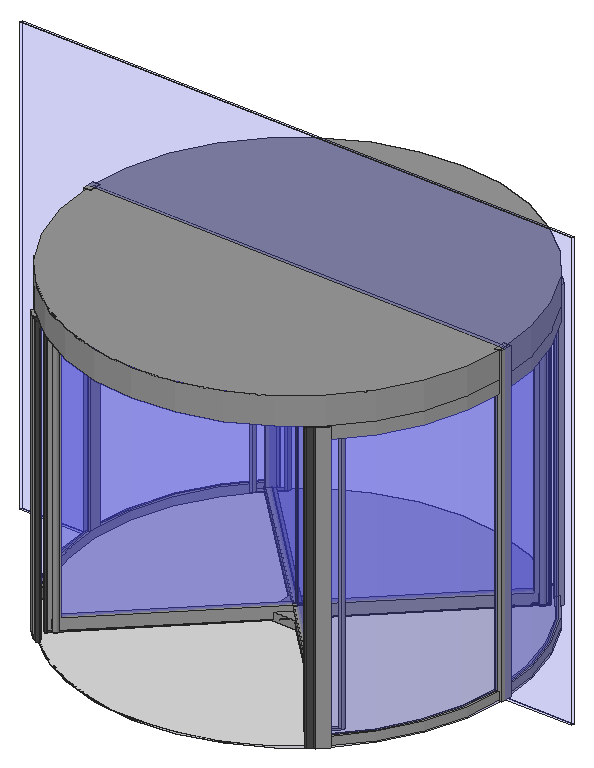
Revit family "Geryon SRD-E01", category Türen, Revit 2016
Family settings
  OmniClass-Nummer = 23.30.10.00
  OmniClass-Titel = Doors
  Immer vertikal = Ja
  Beim Laden mit Abzugskörper schneiden = Nein
  Gemeinsam genutzt = Nein
  Raumberechnungspunkt = Nein
Parameters (values of type "SRD-E01 2900")
  Youtube clip = ""
  Width = 3000.00 mm
  Weight = 0.00 kg
  URL = "http://www.kaba.com/physical-access-systems/en/solutions/92244/security-revolving-doors-and-security-turnstiles.html"
  Type Comments = ""
  Type = "Geryon SRD-E01"
  Technical description = "http://www.kaba.com/physical-access-systems/media/867250/v7/File/product-brochure-geryon-srd-and-sts.pdf"
  StandardUsed = "8"
  ProfileWidth = if(DoorThickness < 40.00 mm, 40.00 mm, DoorThickness)  # 56.00 mm
  ProfileCenter = if(DoorThickness < 40.00 mm, (40.00 mm - DoorThickness) / 2, 0.00 mm)  # 0.00 mm
  Product certification = ""
  Product SKU = "Geryon_SRD-E01"
  Nominal width = 0
  Nominal height = 2300
  Material secondary = "Glass"
  Material main = "Metal"
  Manufacturer name = "DORMA"
  Manufacturer country = "Germany"
  Installation instructions = ""
  HasShutOffDeviceInside180 = no
  HasShutOffDeviceInside120 = no
  HasShutOffDeviceInside = no
  HasShutOffDevice = no
  SectionWidth = 4300.00 mm
  RubberMaterial = Zellkautschuk - EPDM
  RotationInterval 180 = yes
  RotationInterval 120 = not(RotationInterval 180)  # no
  Power = ""
  OuterDiameter = "3000 mm"
  OperatingWeight = 0.00 kg
  MotorDriveType = ""
  Modell = "Talos RDR-E01"
  Manufacturer = "Kaba GmbH"
  Edition number = 1
  EAN code = ""
  Design country = "Germany"
  Date of publishing = "1/16/2017"
  Konstruktionstyp = "Revolving Door"
  Hersteller = "Kaba GmbH"
  Height = 2300.00 mm
  HasShellTopFrame 180 = and(HasShellTopFrame, RotationInterval 180)  # yes
  HasShellTopFrame = yes
  HasHandleBar = yes
  HasCentralColumn 180 = and(HasCentralColumn, RotationInterval 180)  # no
  HasCentralColumn 120 = and(HasCentralColumn, RotationInterval 120)  # no
  HasCentralColumn = no
  GasShellTopFrame 120 = and(HasShellTopFrame, RotationInterval 120)  # no
  HasLockInside 180 = and(HasLockInside, RotationInterval 180)  # no
  HasLockInside 120 = and(HasLockInside, RotationInterval 120)  # no
  HasLockInside = no
  HasLock 180 = and(HasLock, RotationInterval 180)  # no
  HasLock 120 = and(HasLock, RotationInterval 120)  # no
  HasLock = no
  HasGrabHandles 180 = and(or(HasGrabHandles, HasHandleBar), RotationInterval 180)  # yes
  HasGrabHandles 120 = and(or(HasGrabHandles, HasHandleBar), RotationInterval 120)  # no
  HasGrabHandles = not(HasHandleBar)  # no
  HasConsoleS2 180 = and(HasConsoleS2, RotationInterval 180)  # no
  HasConsoleS2 120 = and(HasConsoleS2, RotationInterval 120)  # no
  HasConsoleS2 = no
  HasConsoleS1 180 = and(HasConsoleS1, RotationInterval 180)  # no
  HasConsoleS1 120 = and(HasConsoleS1, RotationInterval 120)  # no
  HasConsoleS1 = no
  HandleMaterial = 1.4401 - A4
  Funktion = Außen
  FrameThicknessCenter = FrameThickness + 12.00 mm  # 92.00 mm
  FrameThickness = 80.00 mm
  FrameMaterial = 1.4401 - A4
  ExpectedLife = ""
  ElementWeight = 0.00 kg
  DoorWidth = AccessLengthOrRadius - 40.00 mm  # 1440.00 mm
  DoorThickness = 56.00 mm
  Dicke = 63.00 mm
  DiameterNightLockGlassOutside = Diameter + 50.00 mm  # 1560.00 mm
  DiameterNightLockGlassInside = Diameter + 39.00 mm  # 1549.00 mm
  DiameterNightLockFrame = Diameter + 21.00 mm  # 1531.00 mm
  DiameterNightLockCover = Diameter + 60.00 mm  # 1570.00 mm
  DiameterNightLock = Diameter + 30.00 mm  # 1540.00 mm
  DiameterGlassInside = (Width / 2) - 11.00 mm  # 1489.00 mm
  DiameterGlassOutside = (Width / 2) + 1.00 mm  # 1501.00 mm
  DiameterCoverFront = Diameter + 80.00 mm  # 1590.00 mm
  Diameter = (Width / 2) + 10.00 mm  # 1510.00 mm
  CoverWidth = Height - ClearHeight  # 200.00 mm
  CoverMaterial = Glas
  ConsoleType = console : Type 4
  ConsoleS2 = if(HasLock, DiameterNightLockFrame + 48.00 mm, DiameterNightLockFrame)  # 1531.00 mm
  ConsoleS1 = if(HasLockInside, DiameterNightLockFrame + 48.00 mm, DiameterNightLockFrame)  # 1531.00 mm
  Colour = ""
  ClearHeight = 2100.00 mm
  BaseType = "150"
  Analytische Konstruktion = "<Keine Auswahl>"
  AccessLengthOrRadius = Diameter - 30.00 mm  # 1480.00 mm
Reference planes
  plane 1 "Mitte (Vorne/Hinten)": y = 0
  plane 2: z = 0
  plane 3 "Mitte (Links/Rechts)": x = 0.023
  plane 4 "Section L": x = -2017.477
  plane 5 "Section R": x = 2017.523
  plane 6 "Oberkante": z = 3200
  plane 7: z = 2300
  plane 8 "access height": z = 2100
  plane 9 "180-4": through (-2115.474, 2115.497, 800) normal (0.7071, 0.7071, 0)
  plane 10 "180-1": through (2115.52, 2115.497, 800) normal (0.7071, -0.7071, 0)
  plane 11 "180-2": through (2115.52, -2115.497, 800) normal (-0.7071, -0.7071, 0)
  plane 12 "180-3": through (-2115.474, -2115.497, 800) normal (-0.7071, 0.7071, 0)
  plane 13 "120-1": through (-1495.859, 2590.944, 800) normal (0.866, 0.5, 0)
  plane 14 "120-2": y = 0
  plane 15 "120-3": through (-1495.859, -2590.944, 800) normal (-0.866, 0.5, 0)
  plane 16: through (0.023, 0, 1200) normal (0.9914, 0.1305, 0)
  plane 17: through (0.023, 0, 1200) normal (-0.9914, 0.1305, 0)
  plane 18: through (0.023, 0, 1200) normal (0.5, -0.866, 0)
  plane 19 "upperFrame": z = 2008
  plane 20 "120-3 normal": through (0.023, 0, 1200) normal (0.5, 0.866, 0)
Forms (mm)
  Extrusion 1, solid
    sketch origin (0, 0, 0) x (1, 0, 0) y (0, 0, 1)
      loop
        line (-2017.477, 0) -> (-1499.977, 0) -> (-1499.977, 2300) -> (1500.023, 2300) -> (1500.023, 0) -> (2017.523, 0) -> (2017.523, 3200) -> (-2017.477, 3200) -> (-2017.477, 0)
    from -12 to 12
  Extrusion 2, solid, material "1.4401 - A4" <- "FrameMaterial", visible <- "RotationInterval 180"
    sketch origin (100, 0, 0) x (1, 0, 0) y (0, 1, 0)
      loop
        line (-220.977, -121) -> (21.023, -121) -> (21.023, 121) -> (-220.977, 121) -> (-220.977, -121)
    from 0 to 63
  Extrusion 3, solid, material "1.4401 - A4" <- "FrameMaterial"
    sketch origin (0, 0, 0) x (1, 0, 0) y (0, 1, 0)
      loop
        circle (0.023, 0) r 1510
    from 2100 <- "ClearHeight" to 2300
  Extrusion 4, solid, material "1.4401 - A4" <- "FrameMaterial", visible <- "RotationInterval 120"
    sketch origin (-8.69, 99.596, 0) x (-0.087156, 0.996195, 0) y (-0.996195, -0.087156, 0)
      loop
        line (82.191, 84.946) -> (-264.626, 115.289) -> (-117.495, -200.235) -> (82.191, 84.946)
    from 0 to 63
  Extrusion 5, solid, material "Glas" <- "CoverMaterial"
    sketch origin (265.046, 0, 0) x (-1, 0, 0) y (0, -1, 0)
      loop
        line (-810.392, -1047.131) -> (-801.906, -1038.645)
        arc (-801.906, -1038.645) -> (-1106.288, -580.195) -> (-1223.37, -42.5) r 1489
        line (-1223.37, -42.5) -> (-1235.375, -42.5)
        arc (-1235.375, -42.5) -> (-1117.375, -584.788) -> (-810.392, -1047.131) r 1501
      loop
        arc (-810.393, 1047.13) -> (-1117.375, 584.787) -> (-1235.375, 42.5) r 1501
        line (-1235.375, 42.5) -> (-1223.37, 42.5)
        arc (-1223.37, 42.5) -> (-1106.288, 580.195) -> (-801.907, 1038.644) r 1489
        line (-801.907, 1038.644) -> (-810.393, 1047.13)
    from 63 to 2100 <- "ClearHeight"
  Extrusion 6, solid
    sketch origin (48.5, -238.964, 0) x (1, 0, 0) y (0, 1, 0)
      loop
        line (-1576.977, 196.464) -> (-1528.477, 196.464) -> (-1528.477, 281.464) -> (-1576.977, 281.464) -> (-1576.977, 196.464)
    from 0 to 2300
  Extrusion 7, solid, visible <- "RotationInterval 180"
    sketch origin (-3.524, 3.547, 0) x (-0.707107, 0.707107, 0) y (0, 0, 1)
      loop
        line (1434.984, 2085) -> (-5.016, 2085) -> (-5.016, 2005) -> (1354.984, 2005) -> (1354.984, 95) -> (-5.016, 95) -> (-5.016, 15) -> (1434.984, 15) -> (1434.984, 2085)
    from -28 to 28
  Extrusion 8, solid, visible <- "RotationInterval 180"
    sketch origin (2115.52, -2115.497, 800) x (0.707107, -0.707107, 0) y (0, 0, 1)
      loop
        line (-1551.764, 1285) -> (-2991.764, 1285) -> (-2991.764, 1205) -> (-1631.764, 1205) -> (-1631.764, -705) -> (-2991.764, -705) -> (-2991.764, -785) -> (-1551.764, -785) -> (-1551.764, 1285)
    from -28 to 28
  Extrusion 9, solid, visible <- "RotationInterval 180"
    sketch origin (0.012, 0.012, 0) x (-0.707107, 0.707107, 0) y (0, 0, 1)
      loop
        line (1359.984, 2008) -> (-0.016, 2008) -> (-0.016, 100) -> (1359.984, 100) -> (1359.984, 2008)
    from 3 to 10
  Extrusion 10, solid, visible <- "RotationInterval 180"
    sketch origin (0.012, 0.012, 0) x (-0.707107, 0.707107, 0) y (0, 0, 1)
      loop
        line (1359.984, 2008) -> (-0.016, 2008) -> (-0.016, 63) -> (1359.984, 63) -> (1359.984, 2008)
    from -10 to -3
  Extrusion 11, solid, visible <- "RotationInterval 180"
    sketch origin (2115.52, -2115.497, 800) x (0.707107, -0.707107, 0) y (0, 0, 1)
      loop
        line (-1631.764, 1208) -> (-2991.764, 1208) -> (-2991.764, -737) -> (-1631.764, -737) -> (-1631.764, 1208)
    from 3 to 10
  Extrusion 12, solid, visible <- "RotationInterval 180"
    sketch origin (2115.52, -2115.497, 800) x (0.707107, -0.707107, 0) y (0, 0, 1)
      loop
        line (-1631.764, 1208) -> (-2991.764, 1208) -> (-2991.764, -737) -> (-1631.764, -737) -> (-1631.764, 1208)
    from -10 to -3
  Extrusion 13, solid, visible <- "RotationInterval 180"
    sketch origin (0.012, -0.012, 0) x (0.707107, 0.707107, 0) y (0, 0, 1)
      loop
        line (1440.016, 2085) -> (0.016, 2085) -> (0.016, 2005) -> (1360.016, 2005) -> (1360.016, 95) -> (0.016, 95) -> (0.016, 15) -> (1440.016, 15) -> (1440.016, 2085)
    from -28 to 28
  Extrusion 14, solid, visible <- "RotationInterval 180"
    sketch origin (0.012, -0.012, 0) x (0.707107, 0.707107, 0) y (0, 0, 1)
      loop
        line (1360.016, 2008) -> (0.016, 2008) -> (0.016, 63) -> (1360.016, 63) -> (1360.016, 2008)
    from 3 to 10
  Extrusion 15, solid, visible <- "RotationInterval 180"
    sketch origin (0.012, -0.012, 0) x (0.707107, 0.707107, 0) y (0, 0, 1)
      loop
        line (1360.016, 2008) -> (0.017, 2008) -> (0.017, 63) -> (1360.016, 63) -> (1360.016, 2008)
    from -10 to -3
  Extrusion 16, solid, visible <- "RotationInterval 180"
    sketch origin (0.012, -0.012, 0) x (-0.707107, -0.707107, 0) y (0, 0, 1)
      loop
        line (1439.984, 2085) -> (-0.016, 2085) -> (-0.016, 2005) -> (1359.984, 2005) -> (1359.984, 95) -> (-0.016, 95) -> (-0.016, 15) -> (1439.984, 15) -> (1439.984, 2085)
    from -28 to 28
  Extrusion 17, solid, visible <- "RotationInterval 180"
    sketch origin (0.012, -0.012, 0) x (-0.707107, -0.707107, 0) y (0, 0, 1)
      loop
        line (1359.984, 2008) -> (-0.017, 2008) -> (-0.017, 63) -> (1359.984, 63) -> (1359.984, 2008)
    from 3 to 10
  Extrusion 18, solid, visible <- "RotationInterval 180"
    sketch origin (0.012, -0.012, 0) x (-0.707107, -0.707107, 0) y (0, 0, 1)
      loop
        line (1359.984, 2008) -> (-0.017, 2008) -> (-0.017, 63) -> (1359.984, 63) -> (1359.984, 2008)
    from -10 to -3
  Extrusion 19, solid
    sketch origin (-28.454, -238.964, 0) x (-1, 0, 0) y (0, -1, 0)
      loop
        line (-1556.977, -196.464) -> (-1556.977, -281.464) -> (-1508.477, -281.464) -> (-1508.477, -196.464) -> (-1556.977, -196.464)
    from 0 to 2300
  Extrusion 20, solid
    sketch origin (148.86, -189.109, 0) x (-0.707107, -0.707107, 0) y (0.707107, -0.707107, 0)
      loop
        line (-1556.977, -218.964) -> (-1556.977, -303.964) -> (-1508.477, -303.964) -> (-1508.477, -218.964) -> (-1556.977, -218.964)
    from 0 to 2100
  Extrusion 21, solid, visible <- "RotationInterval 180"
    sketch origin (-148.814, 189.109, 0) x (0.707107, 0.707107, 0) y (-0.707107, 0.707107, 0)
      loop
        line (-1556.977, -218.964) -> (-1556.977, -303.964) -> (-1508.477, -303.964) -> (-1508.477, -218.964) -> (-1556.977, -218.964)
    from 0 to 2100
  Extrusion 22, solid
    sketch origin (148.86, 189.109, 0) x (-0.707107, 0.707107, 0) y (-0.707107, -0.707107, 0)
      loop
        line (-1556.977, 218.963) -> (-1508.477, 218.963) -> (-1508.477, 303.963) -> (-1556.977, 303.963) -> (-1556.977, 218.963)
    from 0 to 2100
  Extrusion 23, solid, visible <- "RotationInterval 120"
    sketch origin (22.836, 129.208, 0) x (-0.5, 0.866025, 0) y (0, 0, 1)
      loop
        line (1339.509, 2085) -> (-100.491, 2085) -> (-100.491, 2005) -> (1259.509, 2005) -> (1259.509, 95) -> (-100.491, 95) -> (-100.491, 15) -> (1339.509, 15) -> (1339.509, 2085)
    from -112.36 to -56.36
  Extrusion 24, solid, visible <- "RotationInterval 120"
    sketch origin (0.017, 0.01, 0) x (-0.5, 0.866025, 0) y (0, 0, 1)
      loop
        line (1359.988, 2005) -> (-0.012, 2005) -> (-0.012, 95) -> (1359.988, 95) -> (1359.988, 2005)
    from 3 to 10
  Extrusion 25, solid, visible <- "RotationInterval 120"
    sketch origin (0.017, 0.01, 0) x (-0.5, 0.866025, 0) y (0, 0, 1)
      loop
        line (1359.988, 2005) -> (-0.012, 2005) -> (-0.012, 63) -> (1359.988, 63) -> (1359.988, 2005)
    from -10 to -3
  Extrusion 26, solid, visible <- "RotationInterval 120"
    sketch origin (0, 0, 0) x (1, 0, 0) y (0, 0, 1)
      loop
        line (1440.023, 2085) -> (0.023, 2085) -> (0.023, 2005) -> (1360.023, 2005) -> (1360.023, 95) -> (0.023, 95) -> (0.023, 15) -> (1440.023, 15) -> (1440.023, 2085)
    from -28 to 28
  Extrusion 27, solid, visible <- "RotationInterval 120"
    sketch origin (0, 0, 0) x (1, 0, 0) y (0, 0, 1)
      loop
        line (1360.023, 2008) -> (0.023, 2008) -> (0.023, 95) -> (1360.023, 95) -> (1360.023, 2008)
    from 3 to 10
  Extrusion 28, solid, visible <- "RotationInterval 120"
    sketch origin (0, 0, 0) x (1, 0, 0) y (0, 0, 1)
      loop
        line (1360.023, 2008) -> (0.023, 2008) -> (0.023, 63) -> (1360.023, 63) -> (1360.023, 2008)
    from -10 to -3
  Extrusion 29, solid, visible <- "RotationInterval 120"
    sketch origin (0.017, -0.01, 0) x (-0.5, -0.866025, 0) y (0, 0, 1)
      loop
        line (1359.988, 2005) -> (-0.789, 2005) -> (-0.789, 95) -> (1359.988, 95) -> (1359.988, 2005)
    from 3 to 10
  Extrusion 30, solid, visible <- "HasLock"
    sketch origin (0, 0, 0) x (1, 0, 0) y (0, 1, 0)
      loop
        line (1510.023, 0) -> (1590.023, 0)
        arc (1590.023, 0) -> (0.023, 1590) -> (-1589.977, 0) r 1590
        line (-1589.977, 0) -> (-1509.977, 0)
        arc (-1509.977, 0) -> (0.023, 1510) -> (1510.023, 0) r 1510
    from 2100 to 2300
  Sweep 31, solid, visible <- "RotationInterval 180"
    path in 3D
      loop
        line (19.822, -19.799, 2085) -> (-998.412, -1038.033, 2085) -> (-998.412, -1038.033, 15) -> (19.822, -19.799, 15)
    profile "brush profile : brush profile" origin (-489.295, -528.916, 2085) x (0.707107, -0.707107, 0) y (0, 0, 1)
      loop
        arc (-3.005, 0) -> (-0.742, 1.408) -> (-1.004, 4.06) r 2.523
        line (-1.004, 4.06) -> (-11.5, 14.434)
        arc (-11.5, 14.434) -> (-12.22, 14.806) -> (-13.021, 14.931) r 2.53
        line (-13.021, 14.931) -> (-23.617, 14.931)
        arc (-23.617, 14.931) -> (-24.966, 14.402) -> (-25.598, 13.097) r 1.987
        line (-25.598, 13.097) -> (-26.301, 4.016) -> (-28, 4.016) -> (-29.699, 4.016) -> (-30.402, 13.097)
        arc (-30.402, 13.097) -> (-31.034, 14.402) -> (-32.383, 14.931) r 1.987
        line (-32.383, 14.931) -> (-43, 14.931)
        arc (-43, 14.931) -> (-43.799, 14.809) -> (-44.521, 14.447) r 2.588
        line (-44.521, 14.447) -> (-54.818, 4.223)
        arc (-54.818, 4.223) -> (-55.312, 1.516) -> (-53.017, 0) r 2.496
        line (-53.017, 0) -> (-3.005, 0)
  Sweep 32, solid, visible <- "RotationInterval 180"
    path in 3D
      loop
        line (-19.776, -19.799, 15) -> (998.458, -1038.033, 15) -> (998.458, -1038.033, 2085) -> (-19.776, -19.799, 2085)
    profile "brush profile : brush profile" origin (489.341, -528.916, 2085) x (-0.707107, -0.707107, 0) y (0, 0, 1)
      loop
        arc (-3.005, 0) -> (-0.742, 1.408) -> (-1.004, 4.06) r 2.523
        line (-1.004, 4.06) -> (-11.5, 14.434)
        arc (-11.5, 14.434) -> (-12.22, 14.806) -> (-13.021, 14.931) r 2.53
        line (-13.021, 14.931) -> (-23.617, 14.931)
        arc (-23.617, 14.931) -> (-24.966, 14.402) -> (-25.598, 13.097) r 1.987
        line (-25.598, 13.097) -> (-26.301, 4.016) -> (-28, 4.016) -> (-29.699, 4.016) -> (-30.402, 13.097)
        arc (-30.402, 13.097) -> (-31.034, 14.402) -> (-32.383, 14.931) r 1.987
        line (-32.383, 14.931) -> (-43, 14.931)
        arc (-43, 14.931) -> (-43.799, 14.809) -> (-44.521, 14.447) r 2.588
        line (-44.521, 14.447) -> (-54.818, 4.223)
        arc (-54.818, 4.223) -> (-55.312, 1.516) -> (-53.017, 0) r 2.496
        line (-53.017, 0) -> (-3.005, 0)
  Sweep 33, solid, visible <- "RotationInterval 120"
    path in 3D
      loop
        line (0.023, 28, 2085) -> (1440.023, 28, 2085) -> (1440.023, 28, 15) -> (0.023, 28, 15)
    profile "brush profile : brush profile" origin (720.023, 28, 2085) x (0, 1, 0) y (0, 0, 1)
      loop
        arc (-3.005, 0) -> (-0.742, 1.408) -> (-1.004, 4.06) r 2.523
        line (-1.004, 4.06) -> (-11.5, 14.434)
        arc (-11.5, 14.434) -> (-12.22, 14.806) -> (-13.021, 14.931) r 2.53
        line (-13.021, 14.931) -> (-23.617, 14.931)
        arc (-23.617, 14.931) -> (-24.966, 14.402) -> (-25.598, 13.097) r 1.987
        line (-25.598, 13.097) -> (-26.301, 4.016) -> (-28, 4.016) -> (-29.699, 4.016) -> (-30.402, 13.097)
        arc (-30.402, 13.097) -> (-31.034, 14.402) -> (-32.383, 14.931) r 1.987
        line (-32.383, 14.931) -> (-43, 14.931)
        arc (-43, 14.931) -> (-43.799, 14.809) -> (-44.521, 14.447) r 2.588
        line (-44.521, 14.447) -> (-54.818, 4.223)
        arc (-54.818, 4.223) -> (-55.312, 1.516) -> (-53.017, 0) r 2.496
        line (-53.017, 0) -> (-3.005, 0)
  Sweep 34, solid, visible <- "RotationInterval 180"
    path in 3D
      loop
        line (19.822, -19.799, 15) -> (1038.056, 998.435, 15) -> (1038.056, 998.435, 2085) -> (19.822, -19.799, 2085)
    profile "brush profile : brush profile" origin (528.939, 489.318, 2085) x (0.707107, -0.707107, 0) y (0, 0, 1)
      loop
        arc (-3.005, 0) -> (-0.742, 1.408) -> (-1.004, 4.06) r 2.523
        line (-1.004, 4.06) -> (-11.5, 14.434)
        arc (-11.5, 14.434) -> (-12.22, 14.806) -> (-13.021, 14.931) r 2.53
        line (-13.021, 14.931) -> (-23.617, 14.931)
        arc (-23.617, 14.931) -> (-24.966, 14.402) -> (-25.598, 13.097) r 1.987
        line (-25.598, 13.097) -> (-26.301, 4.016) -> (-28, 4.016) -> (-29.699, 4.016) -> (-30.402, 13.097)
        arc (-30.402, 13.097) -> (-31.034, 14.402) -> (-32.383, 14.931) r 1.987
        line (-32.383, 14.931) -> (-43, 14.931)
        arc (-43, 14.931) -> (-43.799, 14.809) -> (-44.521, 14.447) r 2.588
        line (-44.521, 14.447) -> (-54.818, 4.223)
        arc (-54.818, 4.223) -> (-55.312, 1.516) -> (-53.017, 0) r 2.496
        line (-53.017, 0) -> (-3.005, 0)
  Sweep 35, solid, visible <- "RotationInterval 120"
    path in 3D
      loop
        line (24.272, 14, 15) -> (-695.728, 1261.077, 15) -> (-695.728, 1261.077, 2085) -> (24.272, 14, 2085)
    profile "brush profile : brush profile" origin (-335.728, 637.538, 2085) x (0.866025, 0.5, 0) y (0, 0, 1)
      loop
        arc (-3.005, 0) -> (-0.742, 1.408) -> (-1.004, 4.06) r 2.523
        line (-1.004, 4.06) -> (-11.5, 14.434)
        arc (-11.5, 14.434) -> (-12.22, 14.806) -> (-13.021, 14.931) r 2.53
        line (-13.021, 14.931) -> (-23.617, 14.931)
        arc (-23.617, 14.931) -> (-24.966, 14.402) -> (-25.598, 13.097) r 1.987
        line (-25.598, 13.097) -> (-26.301, 4.016) -> (-28, 4.016) -> (-29.699, 4.016) -> (-30.402, 13.097)
        arc (-30.402, 13.097) -> (-31.034, 14.402) -> (-32.383, 14.931) r 1.987
        line (-32.383, 14.931) -> (-43, 14.931)
        arc (-43, 14.931) -> (-43.799, 14.809) -> (-44.521, 14.447) r 2.588
        line (-44.521, 14.447) -> (-54.818, 4.223)
        arc (-54.818, 4.223) -> (-55.312, 1.516) -> (-53.017, 0) r 2.496
        line (-53.017, 0) -> (-3.005, 0)
  Sweep 36, solid, visible <- "RotationInterval 180"
    path in 3D
      loop
        line (19.822, 19.799, 15) -> (-998.412, 1038.033, 15) -> (-998.412, 1038.033, 2085) -> (19.822, 19.799, 2085)
    profile "brush profile : brush profile" origin (-489.295, 528.916, 2085) x (0.707107, 0.707107, 0) y (0, 0, 1)
      loop
        arc (-3.005, 0) -> (-0.742, 1.408) -> (-1.004, 4.06) r 2.523
        line (-1.004, 4.06) -> (-11.5, 14.434)
        arc (-11.5, 14.434) -> (-12.22, 14.806) -> (-13.021, 14.931) r 2.53
        line (-13.021, 14.931) -> (-23.617, 14.931)
        arc (-23.617, 14.931) -> (-24.966, 14.402) -> (-25.598, 13.097) r 1.987
        line (-25.598, 13.097) -> (-26.301, 4.016) -> (-28, 4.016) -> (-29.699, 4.016) -> (-30.402, 13.097)
        arc (-30.402, 13.097) -> (-31.034, 14.402) -> (-32.383, 14.931) r 1.987
        line (-32.383, 14.931) -> (-43, 14.931)
        arc (-43, 14.931) -> (-43.799, 14.809) -> (-44.521, 14.447) r 2.588
        line (-44.521, 14.447) -> (-54.818, 4.223)
        arc (-54.818, 4.223) -> (-55.312, 1.516) -> (-53.017, 0) r 2.496
        line (-53.017, 0) -> (-3.005, 0)
  Sweep 37, solid, visible <- "RotationInterval 120"
    path in 3D
      loop
        line (-24.226, 14, 15) -> (-744.226, -1233.077, 15) -> (-744.226, -1233.077, 2085) -> (-24.226, 14, 2085)
    profile "brush profile : brush profile" origin (-384.226, -609.538, 15) x (-0.866025, 0.5, 0) y (0, 0, -1)
      loop
        arc (-3.005, 0) -> (-0.742, 1.408) -> (-1.004, 4.06) r 2.523
        line (-1.004, 4.06) -> (-11.5, 14.434)
        arc (-11.5, 14.434) -> (-12.22, 14.806) -> (-13.021, 14.931) r 2.53
        line (-13.021, 14.931) -> (-23.617, 14.931)
        arc (-23.617, 14.931) -> (-24.966, 14.402) -> (-25.598, 13.097) r 1.987
        line (-25.598, 13.097) -> (-26.301, 4.016) -> (-28, 4.016) -> (-29.699, 4.016) -> (-30.402, 13.097)
        arc (-30.402, 13.097) -> (-31.034, 14.402) -> (-32.383, 14.931) r 1.987
        line (-32.383, 14.931) -> (-43, 14.931)
        arc (-43, 14.931) -> (-43.799, 14.809) -> (-44.521, 14.447) r 2.588
        line (-44.521, 14.447) -> (-54.818, 4.223)
        arc (-54.818, 4.223) -> (-55.312, 1.516) -> (-53.017, 0) r 2.496
        line (-53.017, 0) -> (-3.005, 0)
  Extrusion 38, solid, material "PVC-Hart"
    sketch origin (0, 0, 0) x (1, 0, 0) y (0, 1, 0)
      loop
        circle (0.023, 0) r 1510
    from -8 to 1
  Extrusion 39, solid, visible <- "HasLockInside"
    sketch origin (0, 0, 0) x (1, 0, 0) y (0, 1, 0)
      loop
        arc (1510.023, 0) -> (0.023, -1510) -> (-1509.977, 0) r 1510
        line (-1509.977, 0) -> (-1589.977, 0)
        arc (-1589.977, 0) -> (0.023, -1590) -> (1590.023, 0) r 1590
        line (1590.023, 0) -> (1510.023, 0)
    from 2100 to 2300
  Extrusion 40, solid, visible <- "HasLockInside 180"
    sketch origin (238.987, 28.477, 0) x (0, 1, 0) y (-1, 0, 0)
      loop
        arc (-1607.977, 240.764) -> (-1607.45, 239.491) -> (-1606.177, 238.964) r 1.8
        line (-1606.177, 238.964) -> (-1561.477, 238.964)
        arc (-1561.477, 238.964) -> (-1560.063, 239.55) -> (-1559.477, 240.964) r 2
        line (-1559.477, 240.964) -> (-1559.477, 321.964)
        arc (-1559.477, 321.964) -> (-1560.063, 323.378) -> (-1561.477, 323.964) r 2
        line (-1561.477, 323.964) -> (-1606.177, 323.964)
        arc (-1606.177, 323.964) -> (-1607.45, 323.437) -> (-1607.977, 322.164) r 1.8
        line (-1607.977, 322.164) -> (-1607.977, 240.764)
    from 0 to 2100
  Extrusion 41, solid, visible <- "HasLockInside 180"
    sketch origin (-238.941, 28.477, 0) x (0, 1, 0) y (-1, 0, 0)
      loop
        line (-1607.977, -240.964) -> (-1607.977, -321.964)
        arc (-1607.977, -321.964) -> (-1607.391, -323.378) -> (-1605.977, -323.964) r 2
        line (-1605.977, -323.964) -> (-1561.477, -323.964)
        arc (-1561.477, -323.964) -> (-1560.063, -323.378) -> (-1559.477, -321.964) r 2
        line (-1559.477, -321.964) -> (-1559.477, -240.964)
        arc (-1559.477, -240.964) -> (-1560.063, -239.55) -> (-1561.477, -238.964) r 2
        line (-1561.477, -238.964) -> (-1605.977, -238.964)
        arc (-1605.977, -238.964) -> (-1607.391, -239.55) -> (-1607.977, -240.964) r 2
    from 0 to 2100
  Extrusion 42, solid, visible <- "HasLockInside 180"
    sketch origin (219.184, -178.889, 0) x (0.707107, 0.707107, 0) y (-0.707107, 0.707107, 0)
      loop
        arc (-1607.977, 218.464) -> (-1607.391, 217.05) -> (-1605.977, 216.464) r 2
        line (-1605.977, 216.464) -> (-1561.477, 216.464)
        arc (-1561.477, 216.464) -> (-1560.063, 217.05) -> (-1559.477, 218.464) r 2
        line (-1559.477, 218.464) -> (-1559.477, 299.464)
        arc (-1559.477, 299.464) -> (-1560.063, 300.878) -> (-1561.477, 301.464) r 2
        line (-1561.477, 301.464) -> (-1605.977, 301.464)
        arc (-1605.977, 301.464) -> (-1607.391, 300.878) -> (-1607.977, 299.464) r 2
        line (-1607.977, 299.464) -> (-1607.977, 218.464)
    from 0 to 2100
  Extrusion 43, solid, visible <- "HasLockInside"
    sketch origin (-219.138, -178.889, 0) x (-0.707107, 0.707107, 0) y (-0.707107, -0.707107, 0)
      loop
        line (-1607.977, -218.462) -> (-1607.977, -299.462)
        arc (-1607.977, -299.462) -> (-1607.391, -300.877) -> (-1605.977, -301.462) r 2
        line (-1605.977, -301.462) -> (-1561.477, -301.462)
        arc (-1561.477, -301.462) -> (-1560.063, -300.877) -> (-1559.477, -299.462) r 2
        line (-1559.477, -299.462) -> (-1559.477, -218.462)
        arc (-1559.477, -218.462) -> (-1560.063, -217.048) -> (-1561.477, -216.462) r 2
        line (-1561.477, -216.462) -> (-1605.977, -216.462)
        arc (-1605.977, -216.462) -> (-1607.391, -217.048) -> (-1607.977, -218.462) r 2
    from 0 to 2100
  Extrusion 44, solid, visible <- "HasLockInside 180"
    sketch origin (0, 0, 0) x (1, 0, 0) y (0, 1, 0)
      loop
        line (-1041.989, -1133.936) -> (-1063.221, -1155.168)
        arc (-1063.221, -1155.168) -> (-610.027, -1446.63) -> (-84.977, -1567.697) r 1570
        line (-84.977, -1567.697) -> (-84.977, -1537.652)
        arc (-84.977, -1537.652) -> (-598.547, -1418.913) -> (-1041.989, -1133.936) r 1540
    from 0 to 63
  Extrusion 45, solid, visible <- "HasLockInside 180"
    sketch origin (0, 0, 0) x (1, 0, 0) y (0, 1, 0)
      loop
        arc (-84.977, -1546.666) -> (-601.991, -1427.228) -> (-1048.359, -1140.306) r 1549
        line (-1048.359, -1140.306) -> (-1056.143, -1148.091)
        arc (-1056.143, -1148.091) -> (-606.2, -1437.391) -> (-84.977, -1557.683) r 1560
        line (-84.977, -1557.683) -> (-84.977, -1546.666)
    from 63 to 2008
  Extrusion 46, solid, visible <- "HasLockInside 180"
    sketch origin (0.046, 0, 0) x (-1, 0, 0) y (0, -1, 0)
      loop
        line (-84.977, 1546.666) -> (-84.977, 1557.683)
        arc (-84.977, 1557.683) -> (-606.2, 1437.391) -> (-1056.142, 1148.092) r 1560
        line (-1056.142, 1148.092) -> (-1048.357, 1140.307)
        arc (-1048.357, 1140.307) -> (-601.99, 1427.228) -> (-84.977, 1546.666) r 1549
    from 63 to 2008
  Extrusion 47, solid, visible <- "HasLockInside 180"
    sketch origin (0, 0, 0) x (1, 0, 0) y (0, 1, 0)
      loop
        line (77.862, -1538.032) -> (77.862, -1568.069)
        arc (77.862, -1568.069) -> (606.767, -1448.02) -> (1063.266, -1155.169) r 1570
        line (1063.266, -1155.169) -> (1042.034, -1133.937)
        arc (1042.034, -1133.937) -> (595.287, -1420.303) -> (77.862, -1538.032) r 1540
    from 0 to 63
  Extrusion 48, solid, visible <- "HasLockInside 180"
    sketch origin (0, 0, 0) x (1, 0, 0) y (0, 1, 0)
      loop
        line (77.862, -1538.032) -> (77.862, -1568.069)
        arc (77.862, -1568.069) -> (606.767, -1448.02) -> (1063.266, -1155.169) r 1570
        line (1063.266, -1155.169) -> (1042.034, -1133.937)
        arc (1042.034, -1133.937) -> (595.287, -1420.303) -> (77.862, -1538.032) r 1540
      loop
        arc (-1063.221, -1155.168) -> (-610.027, -1446.63) -> (-84.977, -1567.697) r 1570
        line (-84.977, -1567.697) -> (-84.977, -1537.652)
        arc (-84.977, -1537.652) -> (-598.547, -1418.913) -> (-1041.989, -1133.936) r 1540
        line (-1041.989, -1133.936) -> (-1063.221, -1155.168)
    from 2008 to 2100
  Extrusion 49, solid, visible <- "HasLock 180"
    sketch origin (238.987, -28.477, 0) x (0, -1, 0) y (1, 0, 0)
      loop
        line (-1607.977, -240.764) -> (-1607.977, -322.164)
        arc (-1607.977, -322.164) -> (-1607.45, -323.437) -> (-1606.177, -323.964) r 1.8
        line (-1606.177, -323.964) -> (-1561.477, -323.964)
        arc (-1561.477, -323.964) -> (-1560.063, -323.378) -> (-1559.477, -321.964) r 2
        line (-1559.477, -321.964) -> (-1559.477, -240.964)
        arc (-1559.477, -240.964) -> (-1560.063, -239.55) -> (-1561.477, -238.964) r 2
        line (-1561.477, -238.964) -> (-1606.177, -238.964)
        arc (-1606.177, -238.964) -> (-1607.45, -239.491) -> (-1607.977, -240.764) r 1.8
    from 0 to 2100
  Extrusion 50, solid, visible <- "HasLock 180"
    sketch origin (-238.941, -28.477, 0) x (0, -1, 0) y (1, 0, 0)
      loop
        arc (-1607.977, 240.965) -> (-1607.391, 239.551) -> (-1605.977, 238.965) r 2
        line (-1605.977, 238.965) -> (-1561.477, 238.965)
        arc (-1561.477, 238.965) -> (-1560.063, 239.551) -> (-1559.477, 240.965) r 2
        line (-1559.477, 240.965) -> (-1559.477, 321.965)
        arc (-1559.477, 321.965) -> (-1560.063, 323.379) -> (-1561.477, 323.965) r 2
        line (-1561.477, 323.965) -> (-1605.977, 323.965)
        arc (-1605.977, 323.965) -> (-1607.391, 323.379) -> (-1607.977, 321.965) r 2
        line (-1607.977, 321.965) -> (-1607.977, 240.965)
    from 0 to 2100
  Extrusion 51, solid, visible <- "HasLock 180"
    sketch origin (219.184, 178.889, 0) x (0.707107, -0.707107, 0) y (0.707107, 0.707107, 0)
      loop
        line (-1607.977, -218.465) -> (-1607.977, -299.465)
        arc (-1607.977, -299.465) -> (-1607.391, -300.879) -> (-1605.977, -301.465) r 2
        line (-1605.977, -301.465) -> (-1561.477, -301.465)
        arc (-1561.477, -301.465) -> (-1560.063, -300.879) -> (-1559.477, -299.465) r 2
        line (-1559.477, -299.465) -> (-1559.477, -218.465)
        arc (-1559.477, -218.465) -> (-1560.063, -217.05) -> (-1561.477, -216.465) r 2
        line (-1561.477, -216.465) -> (-1605.977, -216.465)
        arc (-1605.977, -216.465) -> (-1607.391, -217.05) -> (-1607.977, -218.465) r 2
    from 0 to 2100
  Extrusion 52, solid, visible <- "HasLock"
    sketch origin (-219.138, 178.889, 0) x (-0.707107, -0.707107, 0) y (0.707107, -0.707107, 0)
      loop
        arc (-1607.977, 218.464) -> (-1607.391, 217.05) -> (-1605.977, 216.464) r 2
        line (-1605.977, 216.464) -> (-1561.477, 216.464)
        arc (-1561.477, 216.464) -> (-1560.063, 217.05) -> (-1559.477, 218.464) r 2
        line (-1559.477, 218.464) -> (-1559.477, 299.464)
        arc (-1559.477, 299.464) -> (-1560.063, 300.878) -> (-1561.477, 301.464) r 2
        line (-1561.477, 301.464) -> (-1605.977, 301.464)
        arc (-1605.977, 301.464) -> (-1607.391, 300.878) -> (-1607.977, 299.464) r 2
        line (-1607.977, 299.464) -> (-1607.977, 218.464)
    from 0 to 2100
  Extrusion 53, solid, visible <- "HasLock 180"
    sketch origin (0, 0, 0) x (1, 0, 0) y (0, 1, 0)
      loop
        line (-84.977, 1546.666) -> (-84.977, 1557.683)
        arc (-84.977, 1557.683) -> (-606.201, 1437.391) -> (-1056.144, 1148.09) r 1560
        line (-1056.144, 1148.09) -> (-1048.359, 1140.305)
        arc (-1048.359, 1140.305) -> (-601.991, 1427.228) -> (-84.977, 1546.666) r 1549
    from 63 to 2008
  Extrusion 54, solid, visible <- "HasLock 180"
    sketch origin (0.046, 0, 0) x (-1, 0, 0) y (0, -1, 0)
      loop
        arc (-84.977, -1546.666) -> (-601.991, -1427.228) -> (-1048.359, -1140.306) r 1549
        line (-1048.359, -1140.306) -> (-1056.144, -1148.091)
        arc (-1056.144, -1148.091) -> (-606.2, -1437.391) -> (-84.977, -1557.683) r 1560
        line (-84.977, -1557.683) -> (-84.977, -1546.666)
    from 63 to 2008
  Extrusion 55, solid, visible <- "HasLock 180"
    sketch origin (0, 0, 0) x (1, 0, 0) y (0, 1, 0)
      loop
        arc (-84.977, 1567.697) -> (-610.027, 1446.63) -> (-1063.221, 1155.167) r 1570
        line (-1063.221, 1155.167) -> (-1041.989, 1133.936)
        arc (-1041.989, 1133.936) -> (-598.547, 1418.913) -> (-84.977, 1537.652) r 1540
        line (-84.977, 1537.652) -> (-84.977, 1567.697)
      loop
        line (1042.035, 1133.936) -> (1063.267, 1155.168)
        arc (1063.267, 1155.168) -> (610.074, 1446.63) -> (85.024, 1567.697) r 1570
        line (85.024, 1567.697) -> (85.024, 1537.652)
        arc (85.024, 1537.652) -> (598.593, 1418.913) -> (1042.035, 1133.936) r 1540
    from 0 to 63
  Extrusion 56, solid, visible <- "HasLock 180"
    sketch origin (0, 0, 0) x (1, 0, 0) y (0, 1, 0)
      loop
        arc (-84.977, 1567.697) -> (-610.027, 1446.63) -> (-1063.221, 1155.167) r 1570
        line (-1063.221, 1155.167) -> (-1041.989, 1133.936)
        arc (-1041.989, 1133.936) -> (-598.547, 1418.913) -> (-84.977, 1537.652) r 1540
        line (-84.977, 1537.652) -> (-84.977, 1567.697)
      loop
        line (1042.035, 1133.936) -> (1063.267, 1155.168)
        arc (1063.267, 1155.168) -> (610.074, 1446.63) -> (85.024, 1567.697) r 1570
        line (85.024, 1567.697) -> (85.024, 1537.652)
        arc (85.024, 1537.652) -> (598.593, 1418.913) -> (1042.035, 1133.936) r 1540
    from 2008 to 2100
  Extrusion 57, solid, visible <- "HasShellTopFrame 180"
    sketch origin (0, 0, 0) x (1, 0, 0) y (0, 1, 0)
      loop
        arc (-1046.495, -1046.518) -> (-1479.977, 0) -> (-1046.495, 1046.518) r 1480
        line (-1046.495, 1046.518) -> (-1067.708, 1067.731)
        arc (-1067.708, 1067.731) -> (-1509.977, 0) -> (-1067.708, -1067.731) r 1510
        line (-1067.708, -1067.731) -> (-1046.495, -1046.518)
      loop
        arc (1046.541, 1046.518) -> (1480.023, 0) -> (1046.541, -1046.518) r 1480
        line (1046.541, -1046.518) -> (1067.754, -1067.731)
        arc (1067.754, -1067.731) -> (1510.023, 0) -> (1067.754, 1067.731) r 1510
        line (1067.754, 1067.731) -> (1046.541, 1046.518)
    from 2008 to 2100 <- "ClearHeight"
  Extrusion 58, solid, visible <- "RotationInterval 120"
    sketch origin (258.017, 116.07, 0) x (0.5, -0.866025, 0) y (0.866025, 0.5, 0)
      loop
        line (-1556.977, -218.465) -> (-1556.977, -299.465)
        arc (-1556.977, -299.465) -> (-1556.391, -300.879) -> (-1554.977, -301.465) r 2
        line (-1554.977, -301.465) -> (-1510.477, -301.465)
        arc (-1510.477, -301.465) -> (-1509.063, -300.879) -> (-1508.477, -299.465) r 2
        line (-1508.477, -299.465) -> (-1508.477, -218.465)
        arc (-1508.477, -218.465) -> (-1509.063, -217.05) -> (-1510.477, -216.465) r 2
        line (-1510.477, -216.465) -> (-1554.977, -216.465)
        arc (-1554.977, -216.465) -> (-1556.391, -217.05) -> (-1556.977, -218.465) r 2
    from 0 to 2100
  Extrusion 59, solid, material "Glas" <- "CoverMaterial", visible <- "RotationInterval 180"
    sketch origin (100, 0, 0) x (1, 0, 0) y (0, 1, 0)
      loop
        arc (-1161.344, 1061.367) -> (-1478.448, 593.985) -> (-1600.375, 42.5) r 1501
        line (-1600.375, 42.5) -> (-1588.37, 42.5)
        arc (-1588.37, 42.5) -> (-1467.361, 589.392) -> (-1152.859, 1052.882) r 1489
        line (-1152.859, 1052.882) -> (-1161.344, 1061.367)
      loop
        line (-1588.37, -42.5) -> (-1600.375, -42.5)
        arc (-1600.375, -42.5) -> (-1478.448, -593.985) -> (-1161.344, -1061.367) r 1501
        line (-1161.344, -1061.367) -> (-1152.859, -1052.882)
        arc (-1152.859, -1052.882) -> (-1467.361, -589.392) -> (-1588.37, -42.5) r 1489
    from 63 to 2100 <- "ClearHeight"
  Extrusion 60, solid, visible <- "RotationInterval 180"
    sketch origin (0, 0, 0) x (1, 0, 0) y (0, 1, 0)
      loop
        arc (-1067.708, 1067.731) -> (-1509.977, 0) -> (-1067.708, -1067.731) r 1510
        line (-1067.708, -1067.731) -> (-1046.495, -1046.518)
        arc (-1046.495, -1046.518) -> (-1479.977, 0) -> (-1046.495, 1046.518) r 1480
        line (-1046.495, 1046.518) -> (-1067.708, 1067.731)
    from 0 to 63
  Extrusion 61, solid, visible <- "RotationInterval 180"
    sketch origin (219.184, 178.889, 0) x (0.707107, -0.707107, 0) y (0.707107, 0.707107, 0)
      loop
        line (-1556.977, -218.464) -> (-1556.977, -299.464)
        arc (-1556.977, -299.464) -> (-1556.391, -300.878) -> (-1554.977, -301.464) r 2
        line (-1554.977, -301.464) -> (-1510.477, -301.464)
        arc (-1510.477, -301.464) -> (-1509.063, -300.878) -> (-1508.477, -299.464) r 2
        line (-1508.477, -299.464) -> (-1508.477, -218.464)
        arc (-1508.477, -218.464) -> (-1509.063, -217.05) -> (-1510.477, -216.464) r 2
        line (-1510.477, -216.464) -> (-1554.977, -216.464)
        arc (-1554.977, -216.464) -> (-1556.391, -217.05) -> (-1556.977, -218.464) r 2
    from 0 to 2100
  Extrusion 62, solid, visible <- "RotationInterval 120"
    sketch origin (-148.814, 189.109, 0) x (0.707107, 0.707107, 0) y (-0.707107, 0.707107, 0)
      loop
        line (-1510.071, -615.25) -> (-1488.071, -697.354) -> (-1441.224, -684.801) -> (-1463.224, -602.698) -> (-1510.071, -615.25)
    from 0 to 2100
  Extrusion 63, solid, visible <- "HasLockInside 120"
    sketch origin (258.017, -116.07, 0) x (0.5, 0.866025, 0) y (-0.866025, 0.5, 0)
      loop
        arc (-1607.977, 218.464) -> (-1607.391, 217.05) -> (-1605.977, 216.464) r 2
        line (-1605.977, 216.464) -> (-1561.477, 216.464)
        arc (-1561.477, 216.464) -> (-1560.063, 217.05) -> (-1559.477, 218.464) r 2
        line (-1559.477, 218.464) -> (-1559.477, 299.464)
        arc (-1559.477, 299.464) -> (-1560.063, 300.878) -> (-1561.477, 301.464) r 2
        line (-1561.477, 301.464) -> (-1605.977, 301.464)
        arc (-1605.977, 301.464) -> (-1607.391, 300.878) -> (-1607.977, 299.464) r 2
        line (-1607.977, 299.464) -> (-1607.977, 218.464)
    from 0 to 2100
  Extrusion 64, solid, visible <- "HasLockInside 120"
    sketch origin (0, 0, 0) x (1, 0, 0) y (0, 1, 0)
      loop
        line (-769.977, -1333.679) -> (-784.977, -1359.66)
        arc (-784.977, -1359.66) -> (204.949, -1556.568) -> (1110.181, -1110.158) r 1570
        line (1110.181, -1110.158) -> (1088.968, -1088.944)
        arc (1088.968, -1088.944) -> (201.033, -1526.825) -> (-769.977, -1333.679) r 1540
    from 0 to 63
  Extrusion 65, solid, visible <- "HasLockInside 120"
    sketch origin (0, 0, 0) x (1, 0, 0) y (0, 1, 0)
      loop
        arc (-723.008, -1382.326) -> (-314.131, -1528.04) -> (119.069, -1555.451) r 1560
        line (119.069, -1555.451) -> (117.631, -1544.529)
        arc (117.631, -1544.529) -> (-311.985, -1517.251) -> (-717.503, -1372.792) r 1549
        line (-717.503, -1372.792) -> (-723.008, -1382.326)
      loop
        line (1056.189, -1148.092) -> (1048.404, -1140.307)
        arc (1048.404, -1140.307) -> (694.093, -1384.799) -> (286.176, -1522.339) r 1549
        line (286.176, -1522.339) -> (287.614, -1533.262)
        arc (287.614, -1533.262) -> (698.958, -1394.665) -> (1056.189, -1148.092) r 1560
    from 63 to 2008
  Extrusion 66, solid, visible <- "HasLockInside 120"
    sketch origin (0, 0, 0) x (1, 0, 0) y (0, 1, 0)
      loop
        arc (1048.404, -1140.307) -> (694.093, -1384.799) -> (286.176, -1522.339) r 1549
        line (286.176, -1522.339) -> (287.614, -1533.262)
        arc (287.614, -1533.262) -> (698.958, -1394.665) -> (1056.189, -1148.092) r 1560
        line (1056.189, -1148.092) -> (1048.404, -1140.307)
      loop
        arc (117.631, -1544.529) -> (-311.985, -1517.251) -> (-717.503, -1372.792) r 1549
        line (-717.503, -1372.792) -> (-723.008, -1382.326)
        arc (-723.008, -1382.326) -> (-314.131, -1528.04) -> (119.069, -1555.451) r 1560
        line (119.069, -1555.451) -> (117.631, -1544.529)
    from 2008 to 2100
  Extrusion 67, solid, visible <- "HasLockInside 120"
    sketch origin (233.226, 59.424, 0) x (-0.130526, 0.991445, 0) y (-0.991445, -0.130526, 0)
      loop
        arc (-1607.977, 240.764) -> (-1607.45, 239.491) -> (-1606.177, 238.964) r 1.8
        line (-1606.177, 238.964) -> (-1561.477, 238.964)
        arc (-1561.477, 238.964) -> (-1560.063, 239.55) -> (-1559.477, 240.964) r 2
        line (-1559.477, 240.964) -> (-1559.477, 321.964)
        arc (-1559.477, 321.964) -> (-1560.063, 323.378) -> (-1561.477, 323.964) r 2
        line (-1561.477, 323.964) -> (-1606.177, 323.964)
        arc (-1606.177, 323.964) -> (-1607.45, 323.437) -> (-1607.977, 322.164) r 1.8
        line (-1607.977, 322.164) -> (-1607.977, 240.764)
    from 0 to 2100
  Extrusion 68, solid, visible <- "HasLockInside 120"
    sketch origin (-240.614, -2.958, 0) x (-0.130526, 0.991445, 0) y (-0.991445, -0.130526, 0)
      loop
        line (-1607.977, -240.764) -> (-1607.977, -322.164)
        arc (-1607.977, -322.164) -> (-1607.45, -323.437) -> (-1606.177, -323.964) r 1.8
        line (-1606.177, -323.964) -> (-1561.477, -323.964)
        arc (-1561.477, -323.964) -> (-1560.063, -323.378) -> (-1559.477, -321.964) r 2
        line (-1559.477, -321.964) -> (-1559.477, -240.964)
        arc (-1559.477, -240.964) -> (-1560.063, -239.55) -> (-1561.477, -238.964) r 2
        line (-1561.477, -238.964) -> (-1606.177, -238.964)
        arc (-1606.177, -238.964) -> (-1607.45, -239.491) -> (-1607.977, -240.764) r 1.8
    from 0 to 2100
  Extrusion 69, solid, visible <- "HasLockInside 120"
    sketch origin (0, 0, 0) x (1, 0, 0) y (0, 1, 0)
      loop
        line (-769.977, -1333.679) -> (-784.977, -1359.66)
        arc (-784.977, -1359.66) -> (204.949, -1556.568) -> (1110.181, -1110.158) r 1570
        line (1110.181, -1110.158) -> (1088.968, -1088.944)
        arc (1088.968, -1088.944) -> (201.033, -1526.825) -> (-769.977, -1333.679) r 1540
    from 2008 to 2100
  Extrusion 70, solid, visible <- "HasLock 120"
    sketch origin (258.017, 116.07, 0) x (0.5, -0.866025, 0) y (0.866025, 0.5, 0)
      loop
        line (-1607.977, -218.464) -> (-1607.977, -299.464)
        arc (-1607.977, -299.464) -> (-1607.391, -300.878) -> (-1605.977, -301.464) r 2
        line (-1605.977, -301.464) -> (-1561.477, -301.464)
        arc (-1561.477, -301.464) -> (-1560.063, -300.878) -> (-1559.477, -299.464) r 2
        line (-1559.477, -299.464) -> (-1559.477, -218.464)
        arc (-1559.477, -218.464) -> (-1560.063, -217.05) -> (-1561.477, -216.464) r 2
        line (-1561.477, -216.464) -> (-1605.977, -216.464)
        arc (-1605.977, -216.464) -> (-1607.391, -217.05) -> (-1607.977, -218.464) r 2
    from 0 to 2100
  Extrusion 71, solid, visible <- "HasLock 120"
    sketch origin (233.226, -59.424, 0) x (-0.130526, -0.991445, 0) y (0.991445, -0.130526, 0)
      loop
        line (-1607.977, -240.764) -> (-1607.977, -322.164)
        arc (-1607.977, -322.164) -> (-1607.45, -323.437) -> (-1606.177, -323.964) r 1.8
        line (-1606.177, -323.964) -> (-1561.477, -323.964)
        arc (-1561.477, -323.964) -> (-1560.063, -323.378) -> (-1559.477, -321.964) r 2
        line (-1559.477, -321.964) -> (-1559.477, -240.964)
        arc (-1559.477, -240.964) -> (-1560.063, -239.55) -> (-1561.477, -238.964) r 2
        line (-1561.477, -238.964) -> (-1606.177, -238.964)
        arc (-1606.177, -238.964) -> (-1607.45, -239.491) -> (-1607.977, -240.764) r 1.8
    from 0 to 2100
  Extrusion 72, solid, visible <- "HasLock 120"
    sketch origin (-240.614, 2.958, 0) x (-0.130526, -0.991445, 0) y (0.991445, -0.130526, 0)
      loop
        arc (-1607.977, 240.764) -> (-1607.45, 239.491) -> (-1606.177, 238.964) r 1.8
        line (-1606.177, 238.964) -> (-1561.477, 238.964)
        arc (-1561.477, 238.964) -> (-1560.063, 239.55) -> (-1559.477, 240.964) r 2
        line (-1559.477, 240.964) -> (-1559.477, 321.964)
        arc (-1559.477, 321.964) -> (-1560.063, 323.378) -> (-1561.477, 323.964) r 2
        line (-1561.477, 323.964) -> (-1606.177, 323.964)
        arc (-1606.177, 323.964) -> (-1607.45, 323.437) -> (-1607.977, 322.164) r 1.8
        line (-1607.977, 322.164) -> (-1607.977, 240.764)
    from 0 to 2100
  Extrusion 73, solid, visible <- "HasLock 120"
    sketch origin (0, 0, 0) x (1, 0, 0) y (0, 1, 0)
      loop
        arc (120.376, 1565.38) -> (-316.082, 1537.848) -> (-728.012, 1390.994) r 1570
        line (-728.012, 1390.994) -> (-712.999, 1364.991)
        arc (-712.999, 1364.991) -> (-310.229, 1508.424) -> (116.454, 1535.592) r 1540
        line (116.454, 1535.592) -> (120.376, 1565.38)
      loop
        arc (285, 1513.403) -> (690.113, 1376.727) -> (1042.035, 1133.936) r 1540
        line (1042.035, 1133.936) -> (1063.267, 1155.168)
        arc (1063.267, 1155.168) -> (703.381, 1403.634) -> (288.921, 1543.191) r 1570
        line (288.921, 1543.191) -> (285, 1513.403)
    from 0 to 63
  Extrusion 74, solid, visible <- "HasLock 120"
    sketch origin (0, 0, 0) x (1, 0, 0) y (0, 1, 0)
      loop
        arc (120.376, 1565.38) -> (-316.082, 1537.848) -> (-728.012, 1390.994) r 1570
        line (-728.012, 1390.994) -> (-712.999, 1364.991)
        arc (-712.999, 1364.991) -> (-310.229, 1508.424) -> (116.454, 1535.592) r 1540
        line (116.454, 1535.592) -> (120.376, 1565.38)
      loop
        arc (285, 1513.403) -> (690.113, 1376.727) -> (1042.035, 1133.936) r 1540
        line (1042.035, 1133.936) -> (1063.267, 1155.168)
        arc (1063.267, 1155.168) -> (703.381, 1403.634) -> (288.921, 1543.191) r 1570
        line (288.921, 1543.191) -> (285, 1513.403)
    from 2008 to 2100
  Extrusion 75, solid, visible <- "HasLock 120"
    sketch origin (0, 0, 0) x (1, 0, 0) y (0, 1, 0)
      loop
        arc (1056.19, 1148.091) -> (698.958, 1394.665) -> (287.614, 1533.262) r 1560
        line (287.614, 1533.262) -> (286.176, 1522.339)
        arc (286.176, 1522.339) -> (694.093, 1384.799) -> (1048.405, 1140.306) r 1549
        line (1048.405, 1140.306) -> (1056.19, 1148.091)
      loop
        arc (-717.503, 1372.792) -> (-311.985, 1517.251) -> (117.631, 1544.529) r 1549
        line (117.631, 1544.529) -> (119.069, 1555.451)
        arc (119.069, 1555.451) -> (-314.131, 1528.04) -> (-723.008, 1382.326) r 1560
        line (-723.008, 1382.326) -> (-717.503, 1372.792)
    from 63 to 2008
  Extrusion 76, solid, visible <- "RotationInterval 120"
    sketch origin (0, 0, 0) x (1, 0, 0) y (0, 1, 0)
      loop
        arc (-754.977, 1307.698) -> (-1509.977, 0) -> (-754.977, -1307.698) r 1510
        line (-754.977, -1307.698) -> (-739.977, -1281.718)
        arc (-739.977, -1281.718) -> (-1479.977, 0) -> (-739.977, 1281.718) r 1480
        line (-739.977, 1281.718) -> (-754.977, 1307.698)
    from 0 to 63
  Extrusion 77, solid
    sketch origin (0, 0, 0) x (1, 0, 0) y (0, 1, 0)
      loop
        line (1046.541, -1046.518) -> (1067.754, -1067.731)
        arc (1067.754, -1067.731) -> (1510.023, 0) -> (1067.754, 1067.731) r 1510
        line (1067.754, 1067.731) -> (1046.541, 1046.518)
        arc (1046.541, 1046.518) -> (1480.023, 0) -> (1046.541, -1046.518) r 1480
    from 0 to 63
  Extrusion 78, solid, material "Glas" <- "CoverMaterial", visible <- "RotationInterval 120"
    sketch origin (0, 0, 0) x (1, 0, 0) y (0, 1, 0)
      loop
        line (-1488.37, -42.5) -> (-1500.375, -42.5)
        arc (-1500.375, -42.5) -> (-1294.218, -760.224) -> (-767.731, -1289.789) r 1501
        line (-767.731, -1289.789) -> (-761.73, -1279.396)
        arc (-761.73, -1279.396) -> (-1283.826, -754.224) -> (-1488.37, -42.5) r 1489
      loop
        arc (-767.731, 1289.788) -> (-1294.218, 760.224) -> (-1500.375, 42.5) r 1501
        line (-1500.375, 42.5) -> (-1488.37, 42.5)
        arc (-1488.37, 42.5) -> (-1283.826, 754.223) -> (-761.731, 1279.395) r 1489
        line (-761.731, 1279.395) -> (-767.731, 1289.788)
    from 63 to 2100 <- "ClearHeight"
  Extrusion 79, solid, visible <- "HasCentralColumn 180"
    sketch origin (0, 0, 0) x (1, 0, 0) y (0, 1, 0)
      loop
        line (0.023, 39.598) -> (-56.545, 96.167) -> (-96.143, 56.569) -> (-39.575, 0) -> (-96.143, -56.569) -> (-56.545, -96.167) -> (0.023, -39.598) -> (56.592, -96.167) -> (96.19, -56.569) -> (39.621, 0) -> (96.19, 56.569) -> (56.592, 96.167) -> (0.023, 39.598)
    from 95 to 2100 <- "ClearHeight"
  Extrusion 80, solid, visible <- "HasCentralColumn 120"
    sketch origin (0, 0, 0) x (1, 0, 0) y (0, 1, 0)
      loop
        line (16.189, 28) -> (-21.728, 93.674) -> (-70.226, 65.674) -> (-32.309, 0) -> (-70.226, -65.674) -> (-21.728, -93.674) -> (16.189, -28) -> (92.023, -28) -> (92.023, 28) -> (16.189, 28)
    from 95 to 2100 <- "ClearHeight"
  Extrusion 81, solid, visible <- "RotationInterval 120"
    sketch origin (0.017, -0.01, 0) x (-0.5, -0.866025, 0) y (0, 0, 1)
      loop
        line (1439.988, 2085) -> (-0.012, 2085) -> (-0.012, 2005) -> (1359.988, 2005) -> (1359.988, 95) -> (-0.012, 95) -> (-0.012, 15) -> (1439.988, 15) -> (1439.988, 2085)
    from -28 to 28
  Extrusion 82, solid, visible <- "RotationInterval 120"
    sketch origin (-256.75, -119.743, 0) x (-0.5, -0.866025, 0) y (0, 0, 1)
      loop
        line (1127.913, 2005) -> (-232.087, 2005) -> (-232.087, 95) -> (1127.913, 95) -> (1127.913, 2005)
    from -173 to -166
Lines and regions (mm)
  reference lines
    curve 1: circle (0.023, 0, 0) r 1480 normal (0, 0, 1)
    curve 2: circle (0.023, 0, 0) r 1510 normal (0, 0, 1)
    curve 3: circle (0.023, 0, 0) r 1540 normal (0, 0, 1)
    curve 4: circle (0.023, 0, 0) r 1570 normal (0, 0, 1)
    curve 23: line (20.023, -34.641, 0) -> (20.023, 34.641, 0)
    curve 24: line (20.023, 34.641, 0) -> (-39.977, 0, 0)
    curve 25: line (-39.977, 0, 0) -> (20.023, -34.641, 0)
    curve 27: circle (0.023, 0, 0) r 1560 normal (0, 0, 1)
    curve 28: circle (0.023, 0, 0) r 1549 normal (0, 0, 1)
    curve 29: circle (0.023, 0, 0) r 1501 normal (0, 0, 1)
    curve 30: circle (0.023, 0, 0) r 1489 normal (0, 0, 1)
  sketch lines
    curve 5: line (19.822, -19.799, 2085) -> (-998.412, -1038.033, 2085)
    curve 6: line (-998.412, -1038.033, 2085) -> (-998.412, -1038.033, 15)
    curve 7: line (-998.412, -1038.033, 15) -> (19.822, -19.799, 15)
    curve 8: line (998.458, -1038.033, 2085) -> (-19.776, -19.799, 2085)
    curve 9: line (998.458, -1038.033, 15) -> (998.458, -1038.033, 2085)
    curve 10: line (-19.776, -19.799, 15) -> (998.458, -1038.033, 15)
    curve 11: line (0.023, 28, 2085) -> (1440.023, 28, 2085)
    curve 12: line (1440.023, 28, 2085) -> (1440.023, 28, 15)
    curve 13: line (1440.023, 28, 15) -> (0.023, 28, 15)
    curve 14: line (1038.056, 998.435, 2085) -> (19.822, -19.799, 2085)
    curve 15: line (1038.056, 998.435, 15) -> (1038.056, 998.435, 2085)
    curve 16: line (19.822, -19.799, 15) -> (1038.056, 998.435, 15)
    curve 17: line (-695.728, 1261.077, 2085) -> (24.272, 14, 2085)
    curve 18: line (-695.728, 1261.077, 15) -> (-695.728, 1261.077, 2085)
    curve 19: line (24.272, 14, 15) -> (-695.728, 1261.077, 15)
    curve 20: line (-998.412, 1038.033, 2085) -> (19.822, 19.799, 2085)
    curve 21: line (-998.412, 1038.033, 15) -> (-998.412, 1038.033, 2085)
    curve 22: line (19.822, 19.799, 15) -> (-998.412, 1038.033, 15)
    curve 31: line (-24.226, 14, 15) -> (-744.226, -1233.077, 15)
    curve 32: line (-744.226, -1233.077, 2085) -> (-24.226, 14, 2085)
    curve 33: line (-744.226, -1233.077, 15) -> (-744.226, -1233.077, 2085)
  symbolic lines, style "Doors"
    curve 26: circle (0.023, 0, 0) r 3224.078 normal (0, 0, 1)
Text (mm)
  text "Außen" at (-1061.5, 797.241, 0), in view "Referenzebene"
Dimensions and locks
  plane 4 "Section L" to plane 5 "Section R" = 4035.00 mm
  "ClearHeight": plane 8 "access height" to plane 2
  Extrusion 2 sketch curve to Extrusion 2 sketch curve = 242.00 mm  (x2)
  equal spacing: Extrusion 2 sketch curve, plane 1 "Mitte (Vorne/Hinten)", Extrusion 2 sketch curve
  equal spacing: Extrusion 2 sketch curve, plane 3 "Mitte (Links/Rechts)", Extrusion 2 sketch curve
  equal spacing: plane 4 "Section L", plane 3 "Mitte (Links/Rechts)", plane 5 "Section R"
  locked: Extrusion 6 sketch curve to Extrusion 6 sketch curve at 85
  locked: Extrusion 6 sketch curve to Extrusion 6 sketch curve at 48.5
  "DoorWidth": Extrusion 7 sketch curve to Extrusion 7 sketch curve
  "FrameThickness": Extrusion 7 sketch curve to Extrusion 7 sketch curve  (x3)
  "DoorWidth": Extrusion 8 sketch curve to plane 12 "180-3"
  "FrameThickness": Extrusion 8 sketch curve to Extrusion 8 sketch curve  (x3)
  "DoorWidth": Extrusion 13 sketch curve to plane 11 "180-2"
  "FrameThickness": Extrusion 13 sketch curve to Extrusion 13 sketch curve  (x3)
  "DoorWidth": Extrusion 16 sketch curve to Extrusion 16 sketch curve
  "FrameThickness": Extrusion 16 sketch curve to Extrusion 16 sketch curve  (x3)
  locked: Extrusion 19 sketch curve to Extrusion 19 sketch curve at 85
  locked: Extrusion 19 sketch curve to Extrusion 19 sketch curve at 48.5
  locked: Extrusion 20 sketch curve to Extrusion 20 sketch curve at 85
  locked: Extrusion 20 sketch curve to Extrusion 20 sketch curve at 48.5
  Extrusion 20 sketch curve to plane 10 "180-1" = 20.00 mm
  "AccessLengthOrRadius": plane 9 "180-4" to Extrusion 20 sketch curve
  locked: Extrusion 21 sketch curve to Extrusion 21 sketch curve at 85
  locked: Extrusion 21 sketch curve to Extrusion 21 sketch curve at 48.5
  locked: Extrusion 22 sketch curve to Extrusion 22 sketch curve at 85
  locked: Extrusion 22 sketch curve to Extrusion 22 sketch curve at 48.5
  Extrusion 21 sketch curve to plane 12 "180-3" = 20.00 mm
  "AccessLengthOrRadius": plane 11 "180-2" to Extrusion 21 sketch curve
  "AccessLengthOrRadius": Extrusion 22 sketch curve to plane 11 "180-2"
  plane 11 "180-2" to Extrusion 22 sketch curve = 20.001 mm
  "DoorWidth": Extrusion 23 sketch curve to plane 18
  "FrameThickness": Extrusion 23 sketch curve to Extrusion 23 sketch curve  (x3)
  "DoorWidth": Extrusion 26 sketch curve to plane 3 "Mitte (Links/Rechts)"
  "FrameThickness": Extrusion 26 sketch curve to Extrusion 26 sketch curve  (x3)
  locked: nested 2 to Extrusion 20 at 24.25
  locked: nested 3 to Extrusion 21 at 24.25
  locked: Extrusion 22 to nested 4 at 24.25
  locked: Extrusion 40 sketch curve to Extrusion 40 sketch curve at 85
  locked: Extrusion 40 sketch curve to Extrusion 40 sketch curve at 48.5
  "DiameterNightLockFrame": Extrusion 40 sketch curve to plane 14 "120-2"
  locked: Extrusion 41 sketch curve to Extrusion 41 sketch curve at 85
  locked: Extrusion 41 sketch curve to Extrusion 41 sketch curve at 48.5
  "DiameterNightLockFrame": Extrusion 41 sketch curve to plane 13 "120-1"
  locked: Extrusion 42 sketch curve to Extrusion 42 sketch curve at 85
  locked: Extrusion 42 sketch curve to Extrusion 42 sketch curve at 48.5
  "DiameterNightLockFrame": Extrusion 42 sketch curve to plane 14 "120-2"
  locked: Extrusion 43 sketch curve to Extrusion 43 sketch curve at 85
  locked: Extrusion 43 sketch curve to Extrusion 43 sketch curve at 48.5
  "DiameterNightLockFrame": plane 13 "120-1" to Extrusion 43 sketch curve
  locked: Extrusion 49 sketch curve to Extrusion 49 sketch curve at 85
  locked: Extrusion 49 sketch curve to Extrusion 49 sketch curve at 48.5
  locked: Extrusion 50 sketch curve to Extrusion 50 sketch curve at 85
  locked: Extrusion 50 sketch curve to Extrusion 50 sketch curve at 48.5
  locked: Extrusion 51 sketch curve to Extrusion 51 sketch curve at 85
  locked: Extrusion 51 sketch curve to Extrusion 51 sketch curve at 48.5
  locked: Extrusion 52 sketch curve to Extrusion 52 sketch curve at 85
  locked: Extrusion 52 sketch curve to Extrusion 52 sketch curve at 48.5
  "DiameterNightLockFrame": plane 14 "120-2" to Extrusion 51 sketch curve
  "DiameterNightLockFrame": plane 14 "120-2" to Extrusion 49 sketch curve
  "DiameterNightLockFrame": Extrusion 50 sketch curve to plane 15 "120-3"
  "DiameterNightLockFrame": Extrusion 52 sketch curve to plane 15 "120-3"
  "ConsoleS1": nested 12 to plane 14 "120-2"
  "ConsoleS2": nested 13 to plane 14 "120-2"
  Extrusion 1 to Extrusion 6 = 28.50 mm
  plane 8 "access height" to plane 7 = 200.00 mm  (x2)
